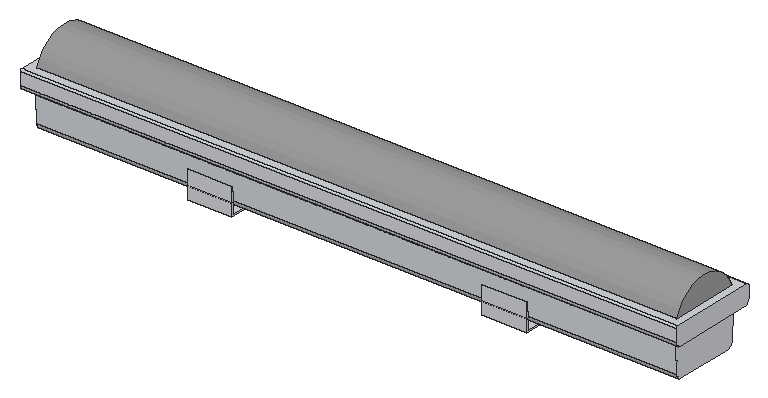
Revit family "0010202", category Lighting Fixtures, host Face, Revit 2017
Family settings
  Host = Face
  Round Connector Dimension = Use Diameter
  Part Type = Normal
  OmniClass Number = 23.80.70.00
  OmniClass Title = Lighting
  Cut with Voids When Loaded = No
  Light Source = Yes
  Shared = No
  Room Calculation Point = No
Parameters (values of type "0010202 RESISTO 600 IP66 1600LM 840")
  Weight = "10.2 kg"
  Wattage Comments = ""
  Wattage = 12 W
  WarrantyStartDate [instance] = "n/a"
  WarrantyGuarantorParts = "n/a"
  WarrantyDurationUnit = "n/a"
  WarrantyDurationParts = "n/a"
  WarrantyDescription = "n/a"
  WIDTH_SYL = 44.5 mm
  built-in parameter 1150110 = 1 (stored number, unit not read)
  Voltage = 0 V
  URL = "http://www.sylvania-lighting.com"
  TypeName = "Resisto  600 IP66 1600lm 840"
  Type Image = <None>
  Type Comments = "n/a"
  built-in parameter 1114217 = 1 (stored number, unit not read)
  Tilt Angle = -90.00°
  built-in parameter 1150109 = 1 (stored number, unit not read)
  built-in parameter 1150134 = 12
  TOP_WIDTH_SYL = 33.5 mm
  built-in parameter 1150113 = 1 (stored number, unit not read)
  SerialNumber [instance] = "n/a"
  Photometric Web File = "0010202.ies"
  built-in parameter 1150142 = "IESNA:LM-63-2002\r\n[TEST] 0010202\r\n[TESTLAB] Sylvania\r\n[TESTDATE] 3 Nov 2020\r\n[ISSUEDATE] 3 Nov 2020\r\n[MANUFAC] Sylvania\r\n[LUMCAT] 0010202\r\n[LUMINAIRE] Resisto  600 IP65 1600lm 840\r\n[FLASHAREA] 0.038908\r\n[LAMPCAT] 0010202 Resisto  600 IP65 1600lm 840\r\n[LAMP] 0010202 Resisto  600 IP65 1600lm 840\r\n[OTHER] Absolute Photometry\r\nTILT=NONE\r\n1 -1 1.0 37 5 1 2 0.087 0.650 0.040\r\n1.00 1.00 12.00\r\n0.00 5.00 10.00 15.00 20.00 25.00 30.00 35.00 40.00 45.00 \r\n50.00 55.00 60.00 65.00 70.00 75.00 80.00 85.00 90.00 \r\n95.00 100.00 105.00 110.00 115.00 120.00 125.00 130.00 \r\n135.00 140.00 145.00 150.00 155.00 160.00 165.00 170.00 \r\n175.00 180.00 \r\n0.00 22.50 45.00 67.50 90.00 \r\n547.70 545.80 539.03 527.11 509.32 484.51 452.30 415.41 \r\n374.71 331.24 286.56 241.51 197.06 153.48 111.24 69.57 \r\n31.61 5.69 1.97 1.94 1.01 1.13 1.34 1.53 1.76 1.96 2.19 \r\n2.44 2.72 2.99 3.26 3.50 3.73 3.96 4.16 4.29 4.39 \r\n547.70 543.66 533.46 519.01 503.02 483.67 457.80 428.07 \r\n396.60 363.48 324.85 278.57 222.74 165.91 117.51 79.79 \r\n51.91 31.51 17.03 6.67 3.83 1.78 1.74 1.85 2.03 2.19 2.37 \r\n2.57 2.78 3.02 3.27 3.53 3.78 4.01 4.20 4.31 4.39 \r\n547.70 540.47 529.40 523.08 510.55 500.63 488.59 467.78 \r\n439.08 390.16 321.63 251.08 193.39 150.32 119.13 94.85 \r\n74.31 56.70 42.47 31.08 20.26 12.53 6.86 3.56 2.52 2.63 \r\n2.74 2.82 2.93 3.09 3.28 3.48 3.73 3.99 4.20 4.34 4.39 \r\n547.70 537.84 531.87 525.66 522.83 517.93 506.83 481.44 \r\n431.22 362.43 294.82 238.44 195.87 163.61 138.33 116.07 \r\n95.76 77.79 62.01 45.39 28.33 18.73 12.52 7.99 5.00 3.17 \r\n3.10 3.14 3.18 3.23 3.34 3.49 3.72 3.97 4.23 4.39 4.39 \r\n547.70 537.40 532.56 525.99 528.75 521.85 511.38 478.47 \r\n419.25 349.88 286.76 236.66 198.19 169.62 145.71 124.02 \r\n103.72 85.21 66.37 45.79 29.74 20.47 14.45 10.19 6.96 \r\n4.60 3.85 3.82 3.81 3.82 3.86 3.97 4.14 4.33 4.51 4.52 \r\n4.39 \r\n"
  Material_3_SYL = none
  PowerFactor = 0.9
  PowerConsumption = "12.0 W"
  NominalLength = 650 mm
  NominalHeight = 80 mm
  NominalDepth = 87 mm
  Name = "Resisto  600 IP66 1600lm 840"
  ModelReference = Name  # "Resisto  600 IP66 1600lm 840"
  ModelNumber = "0010202"
  Model = Name  # "Resisto  600 IP66 1600lm 840"
  Material = "pc polycarbonate housing, pc polycarbonate diffuser"
  ManufacturerName = "Feilo Sylvania"
  Manufacturer = "Feilo Sylvania"
  MID_WIDTH_SYL = 36 mm
  LuminousEfficacy = "133 lm/W"
  built-in parameter 1150105 = -874129.2 (stored number, unit not read)
  Lumens = 1596 lm
  LuminaireType = ""
  built-in parameter 1150115 = 1 (stored number, unit not read)
  LightOutputRatio = "n/a"
  built-in parameter 1150137 = (empty or 0)
  built-in parameter 1150139 = (empty or 0)
  LampsType = Lamp  # "LED"
  LampNominalLuminous = "1600 lm"
  LampMacAdamStep = "5"
  LampColourTemperature = "4000 K"
  LampColourRenderingIndex = "80"
  built-in parameter 1150112 = 1 (stored number, unit not read)
  built-in parameter 1150114 = 1 (stored number, unit not read)
  Lamp = "LED"
  LENGHT_SYL = if(L1500_SYL, 742 mm, if(L1200_SYL, 592 mm, 317 mm))  # 317 mm
  LENGHT_CHAMFER_SYL = if(L1500_SYL, 750 mm, if(L1200_SYL, 600 mm, 325 mm))  # 325 mm
  LENGHT_650_SYL = 325 mm
  LENGHT-_SYL = if(L1500_SYL, -742 mm, if(L1200_SYL, -592 mm, -317 mm))  # -317 mm
  LENGHT-_CHAMFER_SYL = if(L1500_SYL, -750 mm, if(L1200_SYL, -600 mm, -325 mm))  # -325 mm
  LEGHT_650-_SYL = -325 mm
  LEGHT_1500_SYL = 750 mm
  LEGHT_1500-_SYL = -750 mm
  LEGHT_1200_SYL = 600 mm
  LEGHT_1200-_SYL = -600 mm
  L0650_SYL = yes
  L1500_SYL = no
  L1200_SYL = no
  Keynote = "16500"
  InstallationDate [instance] = "n/a"
  InputVoltage = "n/a"
  InputNominalFrequency = "n/a"
  built-in parameter 1150132 = (empty or 0)
  built-in parameter 1150102 = (empty or 0)
  built-in parameter 1150107 = 4000 (stored number, unit not read)
  built-in parameter 1150138 = (empty or 0)
  IngressProtection = "IP66"
  ImpactProtectionIndex = "IK08"
  built-in parameter 1150106 = -8741.3 (stored number, unit not read)
  IfcExportType = "IfcLightFixtureType"
  IfcExportAs = "IfcLightFixtureType"
  Emit from Circle Diameter = 609.6 mm
  Emit Shape Visible in Rendering = no
  ElectricShockClassification = "Class I"
  built-in parameter 1150104 = 12.356 (stored number, unit not read)
  DocumentationLiterature = "http://www.sylvania-lighting.com/product/en-int/products/0010202"
  DimmingControlOptions = "n/a"
  Material_2_SYL = none
  Dimming Lamp Color Temperature Shift = <None>
  Description = "Resisto, integrated LED weatherproof luminaire, with UV stabilized flat diffuser designed to achieve uniform lit appearance, optimise light output and to reduce glare. 301 stainless steel diffuser clips and fixing brackets for surface mounting. Polycarbonate housing and diffuser - no yellow discolouration over time. 1600lm; 12W; 133lm/W; 4000K; SDCM<5; non dimmable; CRI80; IP66; IK08; Class I; 69,000hrs (L80B20) lifespan; 650mm x 89mm x 88mm; D-mark."
  Default Elevation = 1219.2 mm
  DIF_WIDHT_SYL = 35 mm
  DIF_HEIGHT_SYL = 24 mm
  CreatedOn = "3/10/2021"
  CreatedBy = "@sylvania-lighting.com"
  Cost = 0
  Color Filter = 16777215
  built-in parameter 1114216 [instance] = (empty or 0)
  ClassificationValue = "EF_70_80"
  ClassificationName = "Uniclass2015"
  Material_1_SYL = Default
  CHAMFER_SYL = 19 mm
  BarCode [instance] = "n/a"
  built-in parameter 1114218 = 1 (stored number, unit not read)
  BRACKET_WIDTH_SYL = BRACKET_DIST_SYL - 44 mm  # 125 mm
  BRACKET_HEIGHT_SYL = 9 mm
  BRACKET_DIST_SYL = LENGHT_CHAMFER_SYL - 156 mm  # 169 mm
  BODY_SYL = 36 mm
  built-in parameter 1150133 = 10 (stored number, unit not read)
  AssetType = "Fixed"
  AssetIdentifier [instance] = "n/a"
  Assembly Code = "D5020200"
  Apparent Load = 12 VA
  Material_4_SYL = none
Reference planes
  plane 1 "Center (Front/Back)": y = 0
  plane 2: z = 0
  plane 3 "Center (Left/Right)": x = 0
  plane 4: z = 9
  plane 5: z = 45
  plane 6: z = 64
  plane 7: z = 88
  plane 8: y = -44.5
  plane 9: y = 44.5
  plane 10: y = -35
  plane 11: y = 35
  plane 12: y = 33.5
  plane 13: y = -33.5
  plane 14: y = -36
  plane 15: y = 36
  plane 16: z = 1
Forms (mm)
  Extrusion 1, solid
    sketch origin (319, 1524, 1219.2) x (0, 1, 0) y (0, 0, 1)
      loop
        line (-1552.835, -1210.2) -> (-1495.165, -1210.2)
        arc (-1495.165, -1210.2) -> (-1491.754, -1208.856) -> (-1490.177, -1205.546) r 5
        line (-1490.177, -1205.546) -> (-1488.323, -1178.854) -> (-1488, -1174.2) -> (-1560, -1174.2) -> (-1559.677, -1178.854) -> (-1557.823, -1205.546)
        arc (-1557.823, -1205.546) -> (-1556.246, -1208.856) -> (-1552.835, -1210.2) r 5
    from -317 <- "LENGHT-_SYL" to 317 <- "LENGHT_SYL"
  Extrusion 2, solid, material "Default" <- "Material_1_SYL"
    sketch origin (319, 1524, 1219.2) x (0, 1, 0) y (0, 0, 1)
      loop
        arc (-1490.5, -1155.2) -> (-1524, -1131.2) -> (-1557.5, -1155.2) r 35.38
        line (-1557.5, -1155.2) -> (-1490.5, -1155.2)
    from -317 <- "LENGHT-_SYL" to 317 <- "LENGHT_SYL"
  Extrusion 3, solid
    sketch origin (319, 1524, 1219.2) x (0, 1, 0) y (0, 0, 1)
      loop
        line (-1481.5, -1155.2) -> (-1566.5, -1155.2)
        arc (-1566.5, -1155.2) -> (-1567.914, -1155.786) -> (-1568.5, -1157.2) r 2
        line (-1568.5, -1157.2) -> (-1568.5, -1169.2)
        arc (-1568.5, -1169.2) -> (-1567.036, -1172.736) -> (-1563.5, -1174.2) r 5
        line (-1563.5, -1174.2) -> (-1484.5, -1174.2)
        arc (-1484.5, -1174.2) -> (-1480.964, -1172.736) -> (-1479.5, -1169.2) r 5
        line (-1479.5, -1169.2) -> (-1479.5, -1157.2)
        arc (-1479.5, -1157.2) -> (-1480.086, -1155.786) -> (-1481.5, -1155.2) r 2
    from -325 <- "LENGHT-_CHAMFER_SYL" to 325 <- "LENGHT_CHAMFER_SYL"
  Extrusion 4, solid
    sketch origin (319, 1524, 1219.2) x (0, 1, 0) y (0, 0, 1)
      loop
        line (-1489, -1219.2) -> (-1489, -1192.216) -> (-1490.5, -1192.216) -> (-1490.5, -1218.2) -> (-1557.5, -1218.2) -> (-1557.5, -1192.172) -> (-1559, -1192.172) -> (-1559, -1219.2) -> (-1489, -1219.2)
    from 125 <- "BRACKET_WIDTH_SYL" to 169 <- "BRACKET_DIST_SYL"
  Extrusion 5, solid
    sketch origin (321, 1524, 1219.2) x (0, 1, 0) y (0, 0, -1)
      loop
        line (-1489, 1219.2) -> (-1559, 1219.2) -> (-1559, 1192.172) -> (-1557.5, 1192.172) -> (-1557.5, 1218.2) -> (-1490.5, 1218.2) -> (-1490.5, 1192.216) -> (-1489, 1192.216) -> (-1489, 1219.2)
    from 125 <- "BRACKET_WIDTH_SYL" to 169 <- "BRACKET_DIST_SYL"
Dimensions and locks
  "BRACKET_HEIGHT_SYL": plane 4 to host face
  "BODY_SYL": plane 4 to plane 5
  "CHAMFER_SYL": plane 5 to plane 6
  "DIF_HEIGHT_SYL": plane 6 to plane 7
  "WIDTH_SYL": plane 9 to plane 1 "Center (Front/Back)" to plane 8
  "DIF_WIDHT_SYL": plane 11 to plane 1 "Center (Front/Back)" to plane 10
  "TOP_WIDTH_SYL": plane 12 to plane 1 "Center (Front/Back)" to plane 13
  "MID_WIDTH_SYL": plane 15 to plane 1 "Center (Front/Back)" to plane 14
  aligned and locked: plane 2 to host face
  aligned and locked: level to host face
  aligned and locked: Extrusion 3 sketch curve to plane 6
  aligned and locked: Extrusion 3 sketch curve to plane 9
  aligned and locked: plane 5 to Extrusion 3 sketch curve
  aligned and locked: plane 8 to Extrusion 3 sketch curve
Automatic sketch dimensions
  host sketch curve to host sketch curve = 2438.4 mm  (x2)
  plane 5 to Extrusion 1 sketch curve = 0 mm
  Extrusion 1 sketch curve to plane 14 = 0 mm
  plane 4 to Extrusion 1 sketch curve = 0 mm
  Extrusion 1 sketch curve to plane 15 = 0 mm
  Extrusion 1 sketch curve to plane 14 = 0.323 mm
  plane 13 to Extrusion 1 sketch curve = 0.323 mm
  Extrusion 1 sketch curve to plane 13 = 4.665 mm
  plane 12 to Extrusion 1 sketch curve = 4.665 mm
  Extrusion 1 sketch curve to plane 12 = 0.323 mm
  plane 15 to Extrusion 1 sketch curve = 0.323 mm
  Extrusion 1 sketch curve to plane 4 = 4.654 mm  (x2)
  plane 5 to Extrusion 1 sketch curve = 4.654 mm  (x2)
  plane 6 to Extrusion 2 sketch curve = 0 mm
  Extrusion 2 sketch curve to plane 13 = 0 mm
  Extrusion 2 sketch curve to plane 1 "Center (Front/Back)" = 0 mm
  Extrusion 2 sketch curve to plane 5 = 7.62 mm
  Extrusion 3 sketch curve to plane 8 = 2 mm
  plane 14 to Extrusion 3 sketch curve = 3.5 mm
  Extrusion 3 sketch curve to plane 15 = 3.5 mm
  plane 6 to Extrusion 3 sketch curve = 2 mm
  Extrusion 4 sketch curve to level = 0 mm
  Extrusion 4 sketch curve to plane 10 = 0 mm
  Extrusion 4 sketch curve to plane 13 = 0 mm
  Extrusion 4 sketch curve to plane 12 = 0 mm
  Extrusion 4 sketch curve to plane 11 = 0 mm
  plane 16 to Extrusion 4 sketch curve = 0 mm
  Extrusion 4 sketch curve to plane 4 = 17.984 mm
  plane 5 to Extrusion 4 sketch curve = 17.972 mm
  Extrusion 5 sketch curve to level = 0 mm
  Extrusion 5 sketch curve to plane 10 = 0 mm
  Extrusion 5 sketch curve to plane 13 = 0 mm
  Extrusion 5 sketch curve to plane 12 = 0 mm
  Extrusion 5 sketch curve to plane 11 = 0 mm
  plane 16 to Extrusion 5 sketch curve = 0 mm
  Extrusion 5 sketch curve to plane 4 = 17.984 mm
  plane 5 to Extrusion 5 sketch curve = 17.972 mm
Connectors
  electrical at (2, 0, 27)
    settings: on Extrusion 1, index 1, voltage 0 V, apparent load 0 VA, apparent load phase1 0 VA, apparent load phase2 0 VA, apparent load phase3 0 VA, power factor 1, load classification "Other", number of poles 1, system type 31, power factor state 1, is connector primary yes, connector utility no, sub classification motor no, connector description ""
Types (60, lengths in mm): name | Weight | Wattage | TypeName | built-in parameter 1150134 | Photometric Web File | built-in parameter 1150142 | PowerFactor | PowerConsumption | NominalLength | Name | ModelReference | ModelNumber | Model | LuminousEfficacy | built-in parameter 1150105 | Lumens | LampNominalLuminous | LampMacAdamStep | LampColourTemperature | LENGHT_SYL | LENGHT_CHAMFER_SYL | LENGHT-_SYL | LENGHT-_CHAMFER_SYL | L0650_SYL | L1500_SYL | L1200_SYL | built-in parameter 1150107 | built-in parameter 1150106 | built-in parameter 1150104 | DocumentationLiterature | Description | BRACKET_WIDTH_SYL | BRACKET_DIST_SYL | Apparent Load
  0010278 RESISTO 1500 HE IP66 8300LM 840 | "1.95 kg" | 54 W | "Resisto 1500 HE IP66 8300lm 840" | 12 | "0010278.ies" | "IESNA:LM-63-2002\r\n[TEST] 0010278\r\n[TESTLAB]\r\n[MANUFAC] \r\n[LUMCAT]\r\n[LUMINAIRE] Resisto?1500 HE IP66 8300lm 84 0 /4000 \r\n[LAMP] 0010278 Resisto?1500 HE IP66 8/4000\r\n[BALLAST] \r\n[ISSUEDATE]\r\n[OTHER] B-Angle = 0.00 B-Tilt = 0.00 2021-03-05\r\nTILT=NONE\r\n1 8300.00 1 37 5 1 2 0.087 1.500 0.040\r\n1.0 1.0 54.00\r\n   0.00   5.00  10.00  15.00  20.00  25.00  30.00  35.00  40.00  45.00\r\n  50.00  55.00  60.00  65.00  70.00  75.00  80.00  85.00  90.00  95.00\r\n 100.00 105.00 110.00 115.00 120.00 125.00 130.00 135.00 140.00 145.00\r\n 150.00 155.00 160.00 165.00 170.00 175.00 180.00\r\n   0.00  22.50  45.00  67.50  90.00\r\n    2669.11    2660.23    2629.19    2577.65    2498.71    2393.47    2261.67\r\n    2105.13    1929.58    1740.68    1541.39    1337.30    1131.37     921.96\r\n     707.99     486.38     268.01      85.16       7.14       7.14       7.39\r\n       7.55       7.64       8.30       9.21      10.13      11.12      12.28\r\n      13.61      15.02      16.35      17.76      19.09      20.25      21.16\r\n      21.91      22.41\r\n    2669.11    2660.81    2612.34    2535.40    2449.58    2356.12    2249.38\r\n    2133.10    2013.17    1887.09    1736.03    1530.35    1257.70     958.23\r\n     690.56     478.16     321.38     206.26     123.34      64.41      33.20\r\n      13.86       9.71      10.54      11.12      11.70      12.37      13.20\r\n      14.19      15.19      16.35      17.51      18.76      19.67      20.58\r\n      21.41      22.41\r\n    2669.11    2645.63    2571.67    2519.13    2473.07    2438.46    2421.19\r\n    2372.72    2266.90    2045.12    1707.31    1343.44    1043.23     815.31\r\n     642.83     512.28     407.03     314.65     239.46     182.02     126.08\r\n      78.77      46.23      25.15      15.52      15.19      15.02      15.02\r\n      15.02      15.60      16.52      17.51      18.51      19.42      20.34\r\n      21.08      22.41\r\n    2669.11    2633.51    2563.95    2538.64    2531.75    2563.37    2547.69\r\n    2452.07    2219.50    1867.50    1520.81    1240.19    1015.50     840.62\r\n     711.81     604.90     496.92     399.31     319.22     239.62     149.07\r\n     100.76      67.56      45.65      29.38      18.34      16.60      16.43\r\n      16.27      16.27      16.60      17.51      18.59      19.50      20.42\r\n      21.25      22.41\r\n    2669.11    2633.18    2564.62    2544.53    2564.04    2594.16    2571.59\r\n    2438.21    2158.91    1799.03    1479.06    1222.18    1015.17     860.96\r\n     745.01     639.10     527.13     424.88     335.57     234.89     147.16\r\n     103.83      74.87      55.20      38.84      25.90      20.42      19.92\r\n      19.67      19.42      19.50      20.09      21.08      21.91      22.49\r\n      22.74      22.41\r\n" | 0.95 | "54 W" | 1500 | "Resisto 1500 HE IP66 8300lm 840" | "Resisto 1500 HE IP66 8300lm 840" | "0010278" | "Resisto 1500 HE IP66 8300lm 840" | "154 lm/W" | 2674.3 (stored number, unit not read) | 8316 lm | "8300 lm" | "3" | "4000 K" | 742 | 750 | -742 | -750 | no | yes | no | 4000 (stored number, unit not read) | 26.743 (stored number, unit not read) | 14.307 (stored number, unit not read) | "http://www.sylvania-lighting.com/product/en-int/products/0010278" | "Resisto, integrated LED weatherproof luminaire, with UV stabilized flat diffuser designed to achieve uniform lit appearance, optimise light output and to reduce glare. 301 stainless steel diffuser clips and fixing brackets for surface mounting. Polycarbonate housing and diffuser - no yellow discolouration over time. 8300lm; 54W; 154lm/W; 4000K; SDCM<3; non dimmable; CRI80; IP66; IK08; Class I; 69,000hrs (L80B20) lifespan; 1500mm x 89mm x 88mm; D-mark." | 550 | 594 | 54 VA
  0010274 RESISTO 1500 HE IP66 DALI 7100LM 840 | "2.01 kg" | 46 W | "Resisto 1500 HE IP66 DALI 7100lm 840" | 12 | "0010274.ies" | "IESNA:LM-63-2002\r\n[TEST] 0010274\r\n[TESTLAB]\r\n[MANUFAC] \r\n[LUMCAT]\r\n[LUMINAIRE] Resisto 1500 HE IP66 DALI 7100 lm 840 /4000 \r\n[LAMP] 0010274 Resisto 1500 HE IP66 D/4000\r\n[BALLAST] \r\n[ISSUEDATE]\r\n[OTHER] B-Angle = 0.00 B-Tilt = 0.00 2021-02-16\r\nTILT=NONE\r\n1 7100.00 1 37 5 1 2 0.087 1.500 0.040\r\n1.0 1.0 46.00\r\n   0.00   5.00  10.00  15.00  20.00  25.00  30.00  35.00  40.00  45.00\r\n  50.00  55.00  60.00  65.00  70.00  75.00  80.00  85.00  90.00  95.00\r\n 100.00 105.00 110.00 115.00 120.00 125.00 130.00 135.00 140.00 145.00\r\n 150.00 155.00 160.00 165.00 170.00 175.00 180.00\r\n   0.00  22.50  45.00  67.50  90.00\r\n    2367.50    2355.99    2324.75    2272.21    2198.66    2105.22    1987.15\r\n    1846.50    1688.17    1517.63    1338.35    1156.09     971.56     783.84\r\n     591.57     393.34     202.42      52.40       6.04       6.32       6.60\r\n       6.74       7.10       7.67       8.38       9.23      10.15      11.15\r\n      12.28      13.49      14.70      15.90      16.97      17.96      18.82\r\n      19.38      19.74\r\n    2367.50    2349.25    2296.64    2224.43    2147.47    2064.82    1969.75\r\n    1864.18    1753.49    1637.54    1496.04    1306.61    1062.44     799.82\r\n     568.50     386.67     253.61     155.92      88.11      42.32      20.66\r\n       8.24       8.38       8.95       9.66      10.22      10.86      11.64\r\n      12.57      13.56      14.55      15.62      16.61      17.61      18.39\r\n      19.03      19.74\r\n    2367.50    2328.59    2259.79    2218.68    2171.11    2138.38    2120.20\r\n    2071.14    1967.62    1757.25    1446.63    1125.85     867.98     675.21\r\n     529.80     419.18     329.30     252.12     190.92     142.71      97.91\r\n      59.78      33.65      17.18      12.99      13.06      13.14      13.14\r\n      13.42      14.06      14.77      15.62      16.47      17.40      18.18\r\n      18.82      19.74\r\n    2367.50    2314.25    2259.57    2234.80    2232.45    2253.47    2231.60\r\n    2133.98    1911.53    1588.98    1283.82    1043.70     851.93     704.04\r\n     595.12     503.60     411.52     330.36     264.33     193.76     120.35\r\n      80.59      53.25      34.65      21.87      14.63      14.48      14.48\r\n      14.41      14.41      14.91      15.62      16.47      17.32      18.18\r\n      18.89      19.74\r\n    2367.50    2303.60    2263.13    2242.32    2275.55    2286.48    2253.19\r\n    2110.69    1838.62    1518.83    1247.26    1030.14     856.33     727.32\r\n     628.78     536.69     440.55     354.86     277.54     188.43     117.29\r\n      83.99      59.78      43.31      30.25      20.52      17.61      17.40\r\n      17.32      17.11      17.25      17.82      18.53      19.17      19.74\r\n      19.95      19.74\r\n" | 0.98 | "46 W" | 1500 | "Resisto 1500 HE IP66 DALI 7100lm 840" | "Resisto 1500 HE IP66 DALI 7100lm 840" | "0010274" | "Resisto 1500 HE IP66 DALI 7100lm 840" | "154 lm/W" | 2362.2 (stored number, unit not read) | 7084 lm | "7100 lm" | "3" | "4000 K" | 742 | 750 | -742 | -750 | no | yes | no | 4000 (stored number, unit not read) | 23.622 (stored number, unit not read) | 14.307 (stored number, unit not read) | "http://www.sylvania-lighting.com/product/en-int/products/0010274" | "Resisto, integrated LED weatherproof luminaire, with UV stabilized flat diffuser designed to achieve uniform lit appearance, optimise light output and to reduce glare. 301 stainless steel diffuser clips and fixing brackets for surface mounting. Polycarbonate housing and diffuser - no yellow discolouration over time. 7100lm; 46W; 154lm/W; 4000K; SDCM<3; DALI dimmable; CRI80; IP66; IK08; Class I; 69,000hrs (L80B20) lifespan; 1500mm x 89mm x 88mm; D-mark." | 550 | 594 | 46 VA
  0010273 RESISTO 1500 HE IP66 DALI 4000LM 840 | "1.95 kg" | 25 W | "Resisto 1500 HE IP66 DALI 4000lm 840" | 12 | "0010273.ies" | "IESNA:LM-63-2002\r\n[TEST] 0010273\r\n[TESTLAB]\r\n[MANUFAC] \r\n[LUMCAT]\r\n[LUMINAIRE] Resisto 1500 HE IP66 DALI 4000 lm 840 /4000 \r\n[LAMP] 0010273 Resisto 1500 HE IP66 D/4000\r\n[BALLAST] \r\n[ISSUEDATE]\r\n[OTHER] B-Angle = 0.00 B-Tilt = 0.00 2021-02-16\r\nTILT=NONE\r\n1 4000.00 1 37 5 1 2 0.087 1.500 0.040\r\n1.0 1.0 25.00\r\n   0.00   5.00  10.00  15.00  20.00  25.00  30.00  35.00  40.00  45.00\r\n  50.00  55.00  60.00  65.00  70.00  75.00  80.00  85.00  90.00  95.00\r\n 100.00 105.00 110.00 115.00 120.00 125.00 130.00 135.00 140.00 145.00\r\n 150.00 155.00 160.00 165.00 170.00 175.00 180.00\r\n   0.00  22.50  45.00  67.50  90.00\r\n    1286.32    1282.04    1267.08    1242.24    1204.20    1153.48    1089.96\r\n    1014.52     929.92     838.88     742.84     644.48     545.24     444.32\r\n     341.20     234.40     129.16      41.04       3.44       3.44       3.56\r\n       3.64       3.68       4.00       4.44       4.88       5.36       5.92\r\n       6.56       7.24       7.88       8.56       9.20       9.76      10.20\r\n      10.56      10.80\r\n    1286.32    1282.32    1258.96    1221.88    1180.52    1135.48    1084.04\r\n    1028.00     970.20     909.44     836.64     737.52     606.12     461.80\r\n     332.80     230.44     154.88      99.40      59.44      31.04      16.00\r\n       6.68       4.68       5.08       5.36       5.64       5.96       6.36\r\n       6.84       7.32       7.88       8.44       9.04       9.48       9.92\r\n      10.32      10.80\r\n    1286.32    1275.00    1239.36    1214.04    1191.84    1175.16    1166.84\r\n    1143.48    1092.48     985.60     822.80     647.44     502.76     392.92\r\n     309.80     246.88     196.16     151.64     115.40      87.72      60.76\r\n      37.96      22.28      12.12       7.48       7.32       7.24       7.24\r\n       7.24       7.52       7.96       8.44       8.92       9.36       9.80\r\n      10.16      10.80\r\n    1286.32    1269.16    1235.64    1223.44    1220.12    1235.36    1227.80\r\n    1181.72    1069.64     900.00     732.92     597.68     489.40     405.12\r\n     343.04     291.52     239.48     192.44     153.84     115.48      71.84\r\n      48.56      32.56      22.00      14.16       8.84       8.00       7.92\r\n       7.84       7.84       8.00       8.44       8.96       9.40       9.84\r\n      10.24      10.80\r\n    1286.32    1269.00    1235.96    1226.28    1235.68    1250.20    1239.32\r\n    1175.04    1040.44     867.00     712.80     589.00     489.24     414.92\r\n     359.04     308.00     254.04     204.76     161.72     113.20      70.92\r\n      50.04      36.08      26.60      18.72      12.48       9.84       9.60\r\n       9.48       9.36       9.40       9.68      10.16      10.56      10.84\r\n      10.96      10.80\r\n" | 0.98 | "25 W" | 1500 | "Resisto 1500 HE IP66 DALI 4000lm 840" | "Resisto 1500 HE IP66 DALI 4000lm 840" | "0010273" | "Resisto 1500 HE IP66 DALI 4000lm 840" | "160 lm/W" | 1286.3 (stored number, unit not read) | 4000 lm | "4000 lm" | "3" | "4000 K" | 742 | 750 | -742 | -750 | no | yes | no | 4000 (stored number, unit not read) | 12.863 (stored number, unit not read) | 14.864 (stored number, unit not read) | "http://www.sylvania-lighting.com/product/en-int/products/0010273" | "Resisto, integrated LED weatherproof luminaire, with UV stabilized flat diffuser designed to achieve uniform lit appearance, optimise light output and to reduce glare. 301 stainless steel diffuser clips and fixing brackets for surface mounting. Polycarbonate housing and diffuser - no yellow discolouration over time. 4000lm; 25W; 160lm/W; 4000K; SDCM<3; DALI dimmable; CRI80; IP66; IK08; Class I; 69,000hrs (L80B20) lifespan; 1500mm x 89mm x 88mm; D-mark." | 550 | 594 | 25 VA
  0010272 RESISTO 1500 HE IP66 7100LM 840 EM | "2.58 kg" | 50 W | "Resisto 1500 HE IP66 7100lm 840 EM" | 12 | "0010272.ies" | "IESNA:LM-63-2002\r\n[TEST] 0010272\r\n[TESTLAB]\r\n[MANUFAC] \r\n[LUMCAT]\r\n[LUMINAIRE] Resisto 1500 HE IP66 7100lm 84 0 EM /4000 \r\n[LAMP] 0010272 Resisto 1500 HE IP66 7/4000\r\n[BALLAST] \r\n[ISSUEDATE]\r\n[OTHER] B-Angle = 0.00 B-Tilt = 0.00 2021-02-16\r\nTILT=NONE\r\n1 7100.00 1 37 5 1 2 0.087 1.500 0.040\r\n1.0 1.0 50.00\r\n   0.00   5.00  10.00  15.00  20.00  25.00  30.00  35.00  40.00  45.00\r\n  50.00  55.00  60.00  65.00  70.00  75.00  80.00  85.00  90.00  95.00\r\n 100.00 105.00 110.00 115.00 120.00 125.00 130.00 135.00 140.00 145.00\r\n 150.00 155.00 160.00 165.00 170.00 175.00 180.00\r\n   0.00  22.50  45.00  67.50  90.00\r\n    2367.50    2355.99    2324.75    2272.21    2198.66    2105.22    1987.15\r\n    1846.50    1688.17    1517.63    1338.35    1156.09     971.56     783.84\r\n     591.57     393.34     202.42      52.40       6.04       6.32       6.60\r\n       6.74       7.10       7.67       8.38       9.23      10.15      11.15\r\n      12.28      13.49      14.70      15.90      16.97      17.96      18.82\r\n      19.38      19.74\r\n    2367.50    2349.25    2296.64    2224.43    2147.47    2064.82    1969.75\r\n    1864.18    1753.49    1637.54    1496.04    1306.61    1062.44     799.82\r\n     568.50     386.67     253.61     155.92      88.11      42.32      20.66\r\n       8.24       8.38       8.95       9.66      10.22      10.86      11.64\r\n      12.57      13.56      14.55      15.62      16.61      17.61      18.39\r\n      19.03      19.74\r\n    2367.50    2328.59    2259.79    2218.68    2171.11    2138.38    2120.20\r\n    2071.14    1967.62    1757.25    1446.63    1125.85     867.98     675.21\r\n     529.80     419.18     329.30     252.12     190.92     142.71      97.91\r\n      59.78      33.65      17.18      12.99      13.06      13.14      13.14\r\n      13.42      14.06      14.77      15.62      16.47      17.40      18.18\r\n      18.82      19.74\r\n    2367.50    2314.25    2259.57    2234.80    2232.45    2253.47    2231.60\r\n    2133.98    1911.53    1588.98    1283.82    1043.70     851.93     704.04\r\n     595.12     503.60     411.52     330.36     264.33     193.76     120.35\r\n      80.59      53.25      34.65      21.87      14.63      14.48      14.48\r\n      14.41      14.41      14.91      15.62      16.47      17.32      18.18\r\n      18.89      19.74\r\n    2367.50    2303.60    2263.13    2242.32    2275.55    2286.48    2253.19\r\n    2110.69    1838.62    1518.83    1247.26    1030.14     856.33     727.32\r\n     628.78     536.69     440.55     354.86     277.54     188.43     117.29\r\n      83.99      59.78      43.31      30.25      20.52      17.61      17.40\r\n      17.32      17.11      17.25      17.82      18.53      19.17      19.74\r\n      19.95      19.74\r\n" | 0.95 | "50 W" | 1500 | "Resisto 1500 HE IP66 7100lm 840 EM" | "Resisto 1500 HE IP66 7100lm 840 EM" | "0010272" | "Resisto 1500 HE IP66 7100lm 840 EM" | "142 lm/W" | 2367.5 (stored number, unit not read) | 7100 lm | "7100 lm" | "3" | "4000 K" | 742 | 750 | -742 | -750 | no | yes | no | 4000 (stored number, unit not read) | 23.675 (stored number, unit not read) | 13.192 (stored number, unit not read) | "http://www.sylvania-lighting.com/product/en-int/products/0010272" | "Resisto, integrated LED weatherproof luminaire, with UV stabilized flat diffuser designed to achieve uniform lit appearance, optimise light output and to reduce glare. 301 stainless steel diffuser clips and fixing brackets for surface mounting. Polycarbonate housing and diffuser - no yellow discolouration over time. 7100lm; 50W; 142lm/W; 4000K; SDCM<3; non dimmable; CRI80; IP66; IK08; Class I; 69,000hrs (L80B20) lifespan; 1500mm x 89mm x 88mm; D-mark; 3-hour maintained emergency batteries." | 550 | 594 | 50 VA
  0010271 RESISTO 1500 HE IP66 4000LM 840 EM | "2.51 kg" | 29 W | "Resisto 1500 HE IP66 4000lm 840 EM" | 12 | "0010271.ies" | "IESNA:LM-63-2002\r\n[TEST] 0010271\r\n[TESTLAB]\r\n[MANUFAC] \r\n[LUMCAT]\r\n[LUMINAIRE] Resisto 1500 HE IP66 4000lm 84 0 EM /4000 \r\n[LAMP] 0010271 Resisto 1500 HE IP66 4/4000\r\n[BALLAST] \r\n[ISSUEDATE]\r\n[OTHER] B-Angle = 0.00 B-Tilt = 0.00 2021-02-16\r\nTILT=NONE\r\n1 4000.00 1 37 5 1 2 0.087 1.500 0.040\r\n1.0 1.0 29.00\r\n   0.00   5.00  10.00  15.00  20.00  25.00  30.00  35.00  40.00  45.00\r\n  50.00  55.00  60.00  65.00  70.00  75.00  80.00  85.00  90.00  95.00\r\n 100.00 105.00 110.00 115.00 120.00 125.00 130.00 135.00 140.00 145.00\r\n 150.00 155.00 160.00 165.00 170.00 175.00 180.00\r\n   0.00  22.50  45.00  67.50  90.00\r\n    1286.32    1282.04    1267.08    1242.24    1204.20    1153.48    1089.96\r\n    1014.52     929.92     838.88     742.84     644.48     545.24     444.32\r\n     341.20     234.40     129.16      41.04       3.44       3.44       3.56\r\n       3.64       3.68       4.00       4.44       4.88       5.36       5.92\r\n       6.56       7.24       7.88       8.56       9.20       9.76      10.20\r\n      10.56      10.80\r\n    1286.32    1282.32    1258.96    1221.88    1180.52    1135.48    1084.04\r\n    1028.00     970.20     909.44     836.64     737.52     606.12     461.80\r\n     332.80     230.44     154.88      99.40      59.44      31.04      16.00\r\n       6.68       4.68       5.08       5.36       5.64       5.96       6.36\r\n       6.84       7.32       7.88       8.44       9.04       9.48       9.92\r\n      10.32      10.80\r\n    1286.32    1275.00    1239.36    1214.04    1191.84    1175.16    1166.84\r\n    1143.48    1092.48     985.60     822.80     647.44     502.76     392.92\r\n     309.80     246.88     196.16     151.64     115.40      87.72      60.76\r\n      37.96      22.28      12.12       7.48       7.32       7.24       7.24\r\n       7.24       7.52       7.96       8.44       8.92       9.36       9.80\r\n      10.16      10.80\r\n    1286.32    1269.16    1235.64    1223.44    1220.12    1235.36    1227.80\r\n    1181.72    1069.64     900.00     732.92     597.68     489.40     405.12\r\n     343.04     291.52     239.48     192.44     153.84     115.48      71.84\r\n      48.56      32.56      22.00      14.16       8.84       8.00       7.92\r\n       7.84       7.84       8.00       8.44       8.96       9.40       9.84\r\n      10.24      10.80\r\n    1286.32    1269.00    1235.96    1226.28    1235.68    1250.20    1239.32\r\n    1175.04    1040.44     867.00     712.80     589.00     489.24     414.92\r\n     359.04     308.00     254.04     204.76     161.72     113.20      70.92\r\n      50.04      36.08      26.60      18.72      12.48       9.84       9.60\r\n       9.48       9.36       9.40       9.68      10.16      10.56      10.84\r\n      10.96      10.80\r\n" | 0.95 | "29 W" | 1500 | "Resisto 1500 HE IP66 4000lm 840 EM" | "Resisto 1500 HE IP66 4000lm 840 EM" | "0010271" | "Resisto 1500 HE IP66 4000lm 840 EM" | "138 lm/W" | 1287 (stored number, unit not read) | 4002 lm | "4000 lm" | "3" | "4000 K" | 742 | 750 | -742 | -750 | no | yes | no | 4000 (stored number, unit not read) | 12.87 (stored number, unit not read) | 12.821 (stored number, unit not read) | "http://www.sylvania-lighting.com/product/en-int/products/0010271" | "Resisto, integrated LED weatherproof luminaire, with UV stabilized flat diffuser designed to achieve uniform lit appearance, optimise light output and to reduce glare. 301 stainless steel diffuser clips and fixing brackets for surface mounting. Polycarbonate housing and diffuser - no yellow discolouration over time. 4000lm; 29W; 138lm/W; 4000K; SDCM<3; non dimmable; CRI80; IP66; IK08; Class I; 69,000hrs (L80B20) lifespan; 1500mm x 89mm x 88mm; D-mark; 3-hour maintained emergency batteries." | 550 | 594 | 29 VA
  0010269 RESISTO 1500 HE IP66 7100LM 840 | "1.95 kg" | 46 W | "Resisto  1500 HE IP66 7100lm 840" | 12 | "0010269.ies" | "IESNA:LM-63-2002\r\n[TEST] 0010269\r\n[TESTLAB]\r\n[MANUFAC] \r\n[LUMCAT]\r\n[LUMINAIRE] Resisto  1500 HE IP66 7100lm 8 40 /4000 \r\n[LAMP] 0010269 Resisto  1500 HE IP66 /4000\r\n[BALLAST] \r\n[ISSUEDATE]\r\n[OTHER] B-Angle = 0.00 B-Tilt = 0.00 2021-02-16\r\nTILT=NONE\r\n1 7100.00 1 37 5 1 2 0.087 1.500 0.040\r\n1.0 1.0 46.00\r\n   0.00   5.00  10.00  15.00  20.00  25.00  30.00  35.00  40.00  45.00\r\n  50.00  55.00  60.00  65.00  70.00  75.00  80.00  85.00  90.00  95.00\r\n 100.00 105.00 110.00 115.00 120.00 125.00 130.00 135.00 140.00 145.00\r\n 150.00 155.00 160.00 165.00 170.00 175.00 180.00\r\n   0.00  22.50  45.00  67.50  90.00\r\n    2367.50    2355.99    2324.75    2272.21    2198.66    2105.22    1987.15\r\n    1846.50    1688.17    1517.63    1338.35    1156.09     971.56     783.84\r\n     591.57     393.34     202.42      52.40       6.04       6.32       6.60\r\n       6.74       7.10       7.67       8.38       9.23      10.15      11.15\r\n      12.28      13.49      14.70      15.90      16.97      17.96      18.82\r\n      19.38      19.74\r\n    2367.50    2349.25    2296.64    2224.43    2147.47    2064.82    1969.75\r\n    1864.18    1753.49    1637.54    1496.04    1306.61    1062.44     799.82\r\n     568.50     386.67     253.61     155.92      88.11      42.32      20.66\r\n       8.24       8.38       8.95       9.66      10.22      10.86      11.64\r\n      12.57      13.56      14.55      15.62      16.61      17.61      18.39\r\n      19.03      19.74\r\n    2367.50    2328.59    2259.79    2218.68    2171.11    2138.38    2120.20\r\n    2071.14    1967.62    1757.25    1446.63    1125.85     867.98     675.21\r\n     529.80     419.18     329.30     252.12     190.92     142.71      97.91\r\n      59.78      33.65      17.18      12.99      13.06      13.14      13.14\r\n      13.42      14.06      14.77      15.62      16.47      17.40      18.18\r\n      18.82      19.74\r\n    2367.50    2314.25    2259.57    2234.80    2232.45    2253.47    2231.60\r\n    2133.98    1911.53    1588.98    1283.82    1043.70     851.93     704.04\r\n     595.12     503.60     411.52     330.36     264.33     193.76     120.35\r\n      80.59      53.25      34.65      21.87      14.63      14.48      14.48\r\n      14.41      14.41      14.91      15.62      16.47      17.32      18.18\r\n      18.89      19.74\r\n    2367.50    2303.60    2263.13    2242.32    2275.55    2286.48    2253.19\r\n    2110.69    1838.62    1518.83    1247.26    1030.14     856.33     727.32\r\n     628.78     536.69     440.55     354.86     277.54     188.43     117.29\r\n      83.99      59.78      43.31      30.25      20.52      17.61      17.40\r\n      17.32      17.11      17.25      17.82      18.53      19.17      19.74\r\n      19.95      19.74\r\n" | 0.95 | "46 W" | 1500 | "Resisto  1500 HE IP66 7100lm 840" | "Resisto  1500 HE IP66 7100lm 840" | "0010269" | "Resisto  1500 HE IP66 7100lm 840" | "154 lm/W" | 2362.2 (stored number, unit not read) | 7084 lm | "7100 lm" | "3" | "4000 K" | 742 | 750 | -742 | -750 | no | yes | no | 4000 (stored number, unit not read) | 23.622 (stored number, unit not read) | 14.307 (stored number, unit not read) | "http://www.sylvania-lighting.com/product/en-int/products/0010269" | "Resisto, integrated LED weatherproof luminaire, with UV stabilized flat diffuser designed to achieve uniform lit appearance, optimise light output and to reduce glare. 301 stainless steel diffuser clips and fixing brackets for surface mounting. Polycarbonate housing and diffuser - no yellow discolouration over time. 7100lm; 46W; 154lm/W; 4000K; SDCM<3; non dimmable; CRI80; IP66; IK08; Class I; 69,000hrs (L80B20) lifespan; 1500mm x 89mm x 88mm; D-mark." | 550 | 594 | 46 VA
